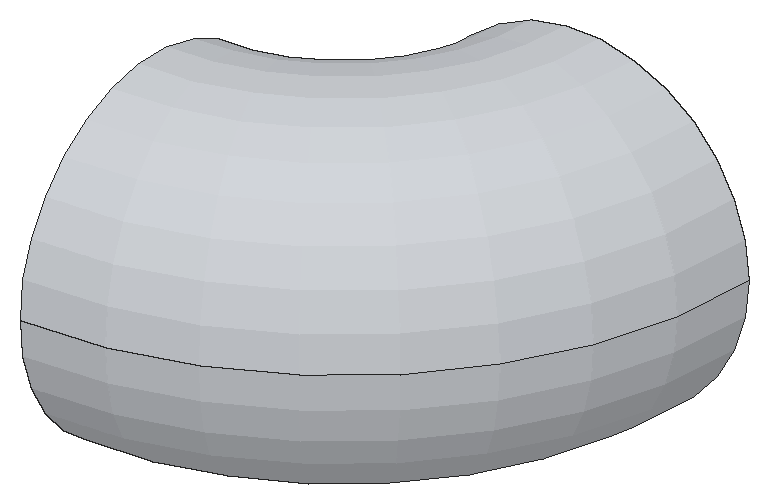
Revit family "AMX-MP-Elbow - Generic_M", category Pipe Fittings, Revit 2016
Family settings
  Part Type = Elbow
  Round Connector Dimension = Use Radius
  OmniClass Number = 23.60.30.11.14
  OmniClass Title = Pipework Fittings
  Work Plane-Based = No
  Always vertical = Yes
  Cut with Voids When Loaded = No
  Shared = No
Parameters (values of type "Standard")
  Tick Size [instance] = Fitting Outside Diameter * 0.4 * tan(Angle / 2)  # 11.43 mm
  Nominal Radius [instance] = 12.5 mm
  Nominal Diameter [instance] = Nominal Radius * 2  # 25 mm
  Loss Method = K Coefficient from Table
  Lookup Table Name = "M_Pipe Fitting - Generic"
  K Coefficient Table = "Regular 45, 90 and 180 Elbow"
  Fitting Outside Radius [instance] = Fitting Outside Diameter / 2  # 14.288 mm
  Fitting Outside Diameter [instance] = size_lookup(Lookup Table Name, "FOD", Nominal Diameter + 3.175 mm, Nominal Diameter)  # 28.575 mm
  Center to End [instance] = Center Radius * tan(Angle / 2)  # 20.637 mm
  Center Radius [instance] = Fitting Outside Radius + 6.35 mm  # 20.638 mm
  Angle [instance] = 90.00°
Reference planes
  plane 1 "Center (Front/Back)": y = 0
  plane 2: z = 0
  plane 3 "Center (Left/Right)": x = 0
  plane 4: x = -20.637
  plane 5: y = 20.637
  plane 6: y = 11.43
  plane 7: y = -11.43
Forms (mm)
  Sweep 1, solid, detail levels fine
    path in 3D
      loop
        arc (-20.637, 0, 0) -> (-6.045, 6.045, 0) -> (0, 20.637, 0) r 20.638
    profile origin (-6.045, 6.045, 0) x (-0.707107, 0.707107, 0) y (0, 0, 1)
      loop
        circle (0, 0) r 14.288
Lines and regions (mm)
  reference lines
    curve 1: line (-20.637, 20.637, 0) -> (23.813, 20.637, 0)
    curve 2: arc (-20.637, 0, 0) -> (-6.045, 6.045, 0) -> (0, 20.637, 0) r 20.638
    curve 3: line (0, 0, 0) -> (0, 19.05, 0)
    curve 4: line (-11.43, 13.857, 0) -> (-11.43, 22.144, 0)
    curve 5: line (11.43, 11.081, 0) -> (11.43, 30.866, 0)
  model lines, style "InvisibleLines", detail levels coarse+medium
    curve 6: line (-11.43, 20.637, 0) -> (11.43, 20.637, 0)
    curve 7: arc (-20.637, 0, 0) -> (-6.045, 6.045, 0) -> (0, 20.637, 0) r 20.638
    curve 8: line (-20.637, 11.43, 0) -> (-20.637, -11.43, 0)
  sketch lines
    curve 9: arc (-20.637, 0, 0) -> (-6.045, 6.045, 0) -> (0, 20.637, 0) r 20.638
  model lines, detail levels coarse+medium
    curve 10: line (0, 20.637, 0) -> (0, 0, 0)
    curve 11: line (0, 0, 0) -> (-20.637, 0, 0)
Dimensions and locks
  "Center to End": plane 4 to plane 3 "Center (Left/Right)"
  "Center Radius": plane 5 to plane 1 "Center (Front/Back)"
  "Tick Size": plane 6 to plane 1 "Center (Front/Back)"
  "Tick Size": plane 7 to plane 1 "Center (Front/Back)"
  "Tick Size": curve 3 to curve 4
  "Tick Size": curve 5 to curve 3
  "Center Radius": radius of curve 2
  "Fitting Outside Radius": radius of Sweep 1 sketch curve
  "Angle": angle plane 4 to curve 1
  "Angle": angle curve 2 to curve 2
  "Angle": angle plane 1 "Center (Front/Back)" to curve 3
  "Angle": angle curve 7 to curve 7
  aligned and locked: plane 4 to curve 1
  aligned and locked: plane 5 to curve 1
  aligned and locked: plane 5 to curve 2
  aligned and locked: plane 4 to curve 2  (x2)
  aligned and locked: plane 1 "Center (Front/Back)" to curve 3
  aligned and locked: plane 3 "Center (Left/Right)" to curve 3
  aligned and locked: curve 4 to curve 6
  aligned and locked: curve 5 to curve 6
  aligned and locked: curve 1 to curve 6
  aligned and locked: curve 7 to curve 2
  aligned and locked: plane 6 to curve 8
  aligned and locked: plane 7 to curve 8
  aligned and locked: curve 8 to plane 4
  aligned and locked: plane 3 "Center (Left/Right)" to curve 11
Automatic sketch dimensions
  curve 1 to curve 5 = 9.556 mm
  curve 1 to curve 4 = 6.78 mm
  curve 4 to curve 1 = 1.506 mm
  curve 5 to curve 1 = 10.228 mm
  Sweep 1 sketch curve to profile plane = 0 mm
  profile plane to Sweep 1 sketch curve = 0 mm
Connectors
  piping at (-20.637, 0, 0), diameter 25, driven by "Nominal Radius", driven by "Angle"
    settings: on Sweep 1, index 1, connector inside diameter 25 mm, connector length 0 mm, flow factor 0, pipe flow 0.0 L/s, pressure drop 0.0 Pa, fitting loss kfactor 0, connector angle 90.00°, fixture units 0, engagement length 0 mm, angle of deflection 0.00°, flow configuration 0, flow direction 0, fitting loss method 0, system type 28, joint type 0, gender type 0, connector reference index 2, connector utility 0, adjustable connector no, is connector primary yes, connector description ""
  piping at (0, 20.637, 0), diameter 25, driven by "Nominal Radius", driven by "Angle"
    settings: on Sweep 1, index 2, connector inside diameter 25 mm, connector length 0 mm, flow factor 0, pipe flow 0.0 L/s, pressure drop 0.0 Pa, fitting loss kfactor 0, connector angle 90.00°, fixture units 0, engagement length 0 mm, angle of deflection 0.00°, flow configuration 0, flow direction 0, fitting loss method 0, system type 28, joint type 0, gender type 0, connector reference index 1, connector utility 0, adjustable connector no, is connector primary no, connector description ""
